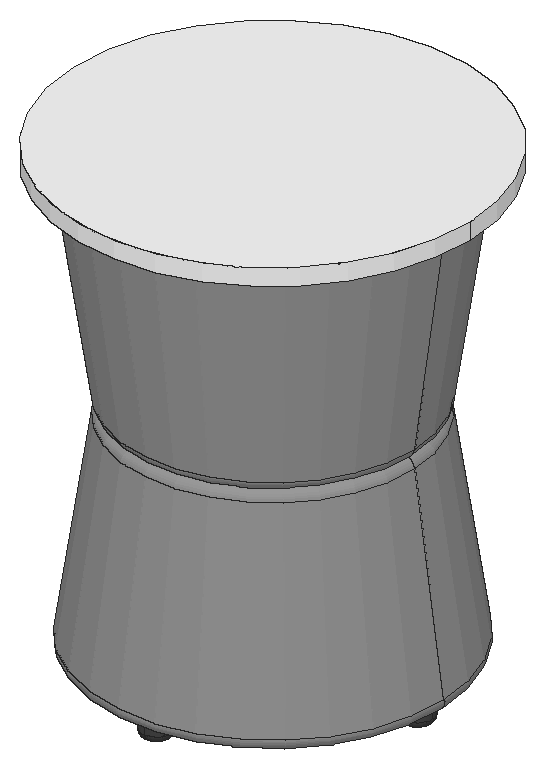
Revit family "LS35C", category Furniture, Revit 2019
Family settings
  OmniClass Number = 23.40.00.00
  OmniClass Title = Equipment and Furnishings
  Work Plane-Based = No
  Always vertical = Yes
  Cut with Voids When Loaded = No
  Shared = No
  Room Calculation Point = No
Parameters
  URL = "www.gof.co.uk"
  Top = Gresham - White MFC
  Range = "SOFT SEATING"
  Product Data Specification = ""
  Product Code = "LS35C"
  Product Brochure = ""
  Model = "BREAKOUT"
  Manufacturer = "Gresham Office Funiture"  # constant formula
  Feet = Gresham - Black Plastic
  Base = Gresham - Camira  Trail - HTL10
  Assembly Code = "E2020200"
Reference planes
  plane 1 "Center (Front/Back)": y = 0
  plane 2: z = 0
  plane 3 "Center (Left/Right)": x = 0
  plane 4 "Base": z = 25
  plane 5 "Foot": z = 25
  plane 6 "Center L/S": z = 682.113
Forms (mm)
  Revolve 1, solid, material "Gresham - Black Plastic" <- "Feet"
    sketch origin (38.148, 0, 0) x (1, 0, 0) y (0, 0, -1)
      loop
        line (181.852, -25) -> (204.352, -25) -> (204.352, -10)
        arc (204.352, -10) -> (201.423, -2.929) -> (194.352, 0) r 10
        line (194.352, 0) -> (181.852, 0) -> (181.852, -25)
      axis (181.852, -25) -> (181.852, 0)
    angle from 0 to 360
  Revolve 2, solid, material "Gresham - Camira  Trail - HTL10" <- "Base"
    sketch origin (0, 0, 0) x (1, 0, 0) y (0, 0, 1)
      loop
        line (0, 353.557) -> (0, 25) -> (245.368, 25)
        arc (245.368, 25) -> (256.743, 30.221) -> (260.198, 42.25) r 15
        line (260.198, 42.25) -> (215, 340.1)
        arc (215, 340.1) -> (209.944, 349.494) -> (200.08, 353.557) r 15.853
        line (200.08, 353.557) -> (0, 353.557)
      axis (0, 25) -> (0, 353.557)
    angle from 0 to 360
  Revolve 3, solid, material "Gresham - Black Plastic" <- "Feet"
    sketch origin (-38.148, 0, 0) x (-1, 0, 0) y (0, 0, 1)
      loop
        line (181.852, 25) -> (181.852, 0) -> (194.352, 0)
        arc (194.352, 0) -> (201.423, 2.929) -> (204.352, 10) r 10
        line (204.352, 10) -> (204.352, 25) -> (181.852, 25)
      axis (181.852, 25) -> (181.852, 0)
    angle from 0 to 360
  Revolve 4, solid, material "Gresham - Black Plastic" <- "Feet"
    sketch origin (0, 38.148, 0) x (0, 1, 0) y (0, 0, 1)
      loop
        line (181.852, 25) -> (181.852, 0) -> (194.352, 0)
        arc (194.352, 0) -> (201.423, 2.929) -> (204.352, 10) r 10
        line (204.352, 10) -> (204.352, 25) -> (181.852, 25)
      axis (181.852, 25) -> (181.852, 0)
    angle from 0 to 360
  Revolve 5, solid, material "Gresham - Black Plastic" <- "Feet"
    sketch origin (0, -38.148, 0) x (0, -1, 0) y (0, 0, -1)
      loop
        line (181.852, -25) -> (204.352, -25) -> (204.352, -10)
        arc (204.352, -10) -> (201.423, -2.929) -> (194.352, 0) r 10
        line (194.352, 0) -> (181.852, 0) -> (181.852, -25)
      axis (181.852, -25) -> (181.852, 0)
    angle from 0 to 360
  Revolve 6, solid, material "Gresham - Camira  Trail - HTL10" <- "Base"
    sketch origin (0, 0, 707.113) x (1, 0, 0) y (0, 0, -1)
      loop
        line (0, 353.557) -> (0, 25) -> (245.368, 25)
        arc (245.368, 25) -> (256.743, 30.221) -> (260.198, 42.25) r 15
        line (260.198, 42.25) -> (215, 340.1)
        arc (215, 340.1) -> (209.944, 349.494) -> (200.08, 353.557) r 15.853
        line (200.08, 353.557) -> (0, 353.557)
      axis (0, 25) -> (0, 353.557)
    angle from 0 to 360
  Extrusion 7, solid, material "Gresham - White MFC" <- "Top"
    sketch origin (0, 0, 353.557) x (0, -1, 0) y (1, 0, 0)
      loop
        circle (0, 0) r 300
    from 328.557 to 353.557
Dimensions and locks
  level to plane 4 "Base" = 25 mm
  level to plane 5 "Foot" = 25 mm
  locked: Extrusion 7 to Extrusion 7 at 25
  Extrusion 7 to level = 707.113 mm
  aligned and locked: level to plane 2
  aligned and locked: plane 5 "Foot" to Revolve 1
